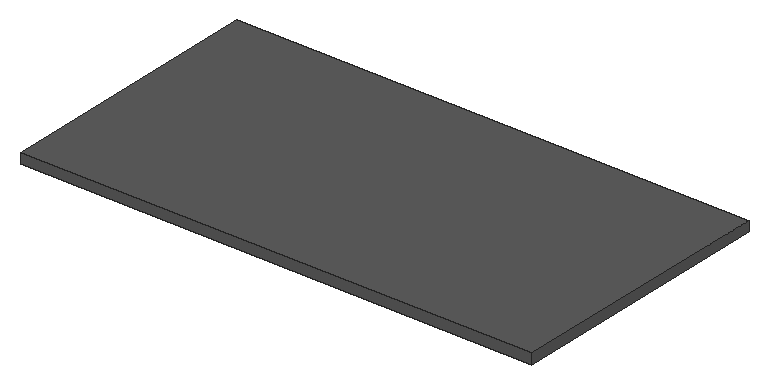
Revit family "Countertop-90cm-WoodenTopCounter-Vitra-OriginSeries-65945+65946+65947", category Furniture Systems, host Face, Revit 2017
Family settings
  Host = Face
  Round Connector Dimension = Use Diameter
  Part Type = Normal
  OmniClass Number = 23.40.00.00
  OmniClass Title = Equipment and Furnishings
  Cut with Voids When Loaded = No
  Shared = Yes
  Room Calculation Point = No
Parameters (values of type "Countertop-90cm-WithoutSyphonHole-Vitra-OriginSeries-65945")
  Youtube = "https://www.youtube.com/user/VitrAglobal"
  Weight Net (kg) = ""
  Warranty Period (Year) = "2"
  Uniformat II Description = "INTERIOR FINISHES"
  Uniformat II Code = "C30"
  Uniclass 2015 Name = "Counter tops"
  Uniclass 2015 Code = "Pr_40_30_30_18"
  Uniclass 2.0 Description = "Counter Tops"
  Uniclass 2.0 Code = "PR-35-12-18"
  Uniclass 1.4 Description = "Counters"
  Uniclass 1.4 Code = "L8571"
  URL = "https://vitraglobal.com/"
  UNSPSC Description = ""
  UNSPSC Code = ""
  Technical description = "https://www.vitraglobal.com/pdf/65945/"
  Tap hole Options (default) = ""
  Specification = ""
  Region South America = "All"
  Region Oceania = "All"
  Region North America = "All"
  Region Middle East = "All"
  Region Europe = "All"
  Region Asia = "All"
  Region Antarctica = "All"
  Region Africa = "All"
  Product url = "https://www.vitraglobal.com/bathroom-furniture/counters/standard-workbenches/origin-wooden-top-counter-sku-65945/"
  Product manual = ""
  Product group = "Counters - Standard Workbenches - Wooden Top counter\r\n>"
  Product family = "Origin"
  Product data url = ""
  Product certification = "https://www.vitraglobal.com/brochures/"
  Product SKU = "65945"
  Product Guid = "https://www.vitraglobal.com/uyeIslem/fileDownload.aspx?udkEnc=HXDRXhY55OSYts12fVEzgJyeD8zcAiYNd1Aw1PU6L8qk12C6mASIMz/AhBHsyl4rgDDCDv9Z1LuxOyV6tBsm5Q==&lang=en-US"
  Primary Material = PatternedBlackOak
  OmniClass Description = "Casework Component Work Surfaces"
  OmniClass Code = "23-21 19 17"
  Nominal Width (mm) = 905 mm
  Nominal Height (mm) = 18 mm
  Nominal Depth (mm) = 480 mm
  NBS Referans Description = "Counter Tops"
  NBS Referans Code = "35-12-18"
  Mounting type = "Top Counter"
  Model = "65945"
  Masterformat 2014 Description = "Countertops"
  Masterformat 2014 Code = "12 36 00"
  Manufacturer name = "VitrA"
  Manufacturer = "VitrA"
  Main Material = "Wooden"
  Installation instructions = "https://www.vitraglobal.com/uyeIslem/fileDownload.aspx?udkEnc=JARmA6IB1/CXltrLzWh8CayMYM9DL+jTm7J01Bw3qv4JO8kE3XuJCMW/xZ6J4P7SQcdc3zJvG1dwt1gpBgo9fA==&lang=en-US"
  IFC Classification = "Furnishing Element"
  EAN code = ""
  Design country = "Turkey"
  Description = "Origin Wooden Top counter - without syphon hole - 90cm -  Patterned Black Oak"
  Default Elevation = 850 mm
  Color = "PatternedBlackOak"
  COBIe Type Category = ""
  Brand = "VitrA"
  BIMobject category = "Countertops"
  Article No. (default) = "65945"
  Accessories (default) = ""
Types (3, lengths in mm): name | Technical description | Product url | Product SKU | Product Guid | Primary Material | Model | Installation instructions | Description | Color | Article No. (default)
  Countertop-90cm-WithoutSyphonHole-Vitra-OriginSeries-65945 | "https://www.vitraglobal.com/pdf/65945/" | "https://www.vitraglobal.com/bathroom-furniture/counters/standard-workbenches/origin-wooden-top-counter-sku-65945/" | "65945" | "https://www.vitraglobal.com/uyeIslem/fileDownload.aspx?udkEnc=HXDRXhY55OSYts12fVEzgJyeD8zcAiYNd1Aw1PU6L8qk12C6mASIMz/AhBHsyl4rgDDCDv9Z1LuxOyV6tBsm5Q==&lang=en-US" | PatternedBlackOak | "65945" | "https://www.vitraglobal.com/uyeIslem/fileDownload.aspx?udkEnc=JARmA6IB1/CXltrLzWh8CayMYM9DL+jTm7J01Bw3qv4JO8kE3XuJCMW/xZ6J4P7SQcdc3zJvG1dwt1gpBgo9fA==&lang=en-US" | "Origin Wooden Top counter - without syphon hole - 90cm -  Patterned Black Oak" | "PatternedBlackOak" | "65945"
  Countertop-90cm-WithoutSyphonHole-Vitra-OriginSeries-65946 | "https://www.vitraglobal.com/pdf/65946/" | "https://www.vitraglobal.com/bathroom-furniture/counters/standard-workbenches/origin-wooden-top-counter-sku-65946/" | "65946" | "https://www.vitraglobal.com/uyeIslem/fileDownload.aspx?udkEnc=pW+kXgTh3ssUlKFa7JhgESFGf+AkNHKabUYgffHyyL/mZ50jhmfp5ra4aJ3zi4BYvqUBvm7TfpsF7lbe5v8NRw==&lang=en-US" | Elm | "65946" | "https://www.vitraglobal.com/uyeIslem/fileDownload.aspx?udkEnc=mPast0+EUGj6wyZ/7tMmBvH5TUywD1R++l3dAdQQDfmLEVl/paYxIYZEdeAIDrLE8KiU59zgN10Tr8jg/laOrg==&lang=en-US" | "Origin Wooden Top counter - without syphon hole - 90cm - Elm" | "Elm" | "65946"
  Countertop-90cm-WithoutSyphonHole-Vitra-OriginSeries-65947 | "https://www.vitraglobal.com/pdf/65947/" | "https://www.vitraglobal.com/bathroom-furniture/counters/standard-workbenches/origin-wooden-top-counter-sku-65947/" | "65947" | "https://www.vitraglobal.com/uyeIslem/fileDownload.aspx?udkEnc=QZqFk0m9B628iHg4UstMyEGG0Zd4s/OqlXhX8u7S2XPa7ckM7Syjz0oJzr3zVEdvBfHbJF5wmkYC8P0jYaVP4Q==&lang=en-US" | Flat Oak | "65947" | "https://www.vitraglobal.com/uyeIslem/fileDownload.aspx?udkEnc=tONMhrZDipw27t8Alf34ElW4KF9ivxXlNedlZ07ipzxCQVRla9mIsJDjbv7PWeb7rMT2JLCohUginzgWTIfBfw==&lang=en-US" | "Origin Wooden Top counter - without syphon hole - 90cm - Flat Oak" | "Flat Oak" | "65947"
Reference planes
  plane 1 "Center (Front/Back)": y = 0
  plane 2: z = 0
  plane 3 "Center (Left/Right)": x = -8.77
  plane 4: x = 443.73
  plane 5: x = -461.27
  plane 6: y = 240
  plane 7: y = -240
  plane 8: z = -832
  plane 9: z = 18
Forms (mm)
  Extrusion 1, solid, detail levels coarse
    sketch origin (0, 0, 0) x (1, 0, 0) y (0, 1, 0)
      loop
        line (443.73, 240) -> (-461.27, 240) -> (-461.27, -240) -> (443.73, -240) -> (443.73, 240)
    from 0 to 18
  Extrusion 2, solid, material "PatternedBlackOak" <- "Primary Material", detail levels medium+fine
    sketch origin (0, 0, 0) x (1, 0, 0) y (0, 1, 0)
      loop
        line (443.73, 240) -> (-461.27, 240) -> (-461.27, -240) -> (443.73, -240) -> (443.73, 240)
    from 0 to 18
Dimensions and locks
  "Nominal Width (mm)": plane 5 to plane 4
  "Nominal Depth (mm)": plane 6 to plane 7
  plane 9 to plane 8 = 850 mm
  "Nominal Height (mm)": plane 9 to host face
  aligned and locked: plane 2 to host face
  aligned and locked: level to host face
Automatic sketch dimensions
  host sketch curve to host sketch curve = 2438.4 mm  (x2)
  Extrusion 1 sketch curve to plane 5 = 0 mm
  Extrusion 1 sketch curve to plane 4 = 0 mm
  Extrusion 1 sketch curve to plane 7 = 0 mm
  Extrusion 1 sketch curve to plane 6 = 0 mm
  Extrusion 2 sketch curve to plane 5 = 0 mm
  Extrusion 2 sketch curve to plane 4 = 0 mm
  Extrusion 2 sketch curve to plane 7 = 0 mm
  Extrusion 2 sketch curve to plane 6 = 0 mm
